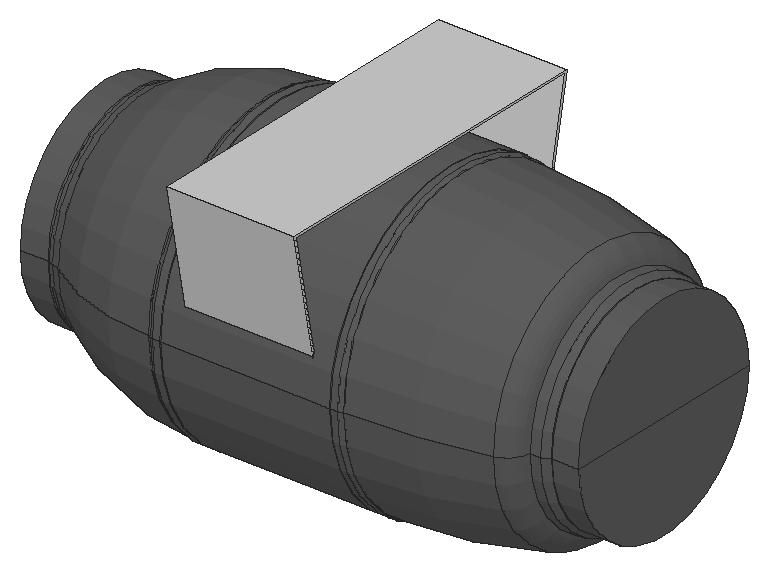
Revit family "AVS 250", category Mechanical Equipment, Revit 2023
Family settings
  Round Connector Dimension = Use Diameter
  Classification = None
  Part Type = Breaks Into
  OmniClass Number = 23.75.35.17.11
  OmniClass Title = Fans for Air Ductwork
  Work Plane-Based = No
  Always vertical = No
  Cut with Voids When Loaded = No
  Maintain Annotation Orientation = No
  Shared = No
  Room Calculation Point = No
Parameters (values of type "Aventa Silent AVS250")
  Weight = 15.00 kg
  Voltage = 230 V
  URL = "https://www.airflow.com/"
  Type Comments = "Inline fan single speed up to 1400m3/h"
  Transported Air Temperature (°C) = "-25...+60"
  RPM (min-1) = 2440
  R1 = D1 / 2  # 179 mm
  Protection rating = "IPX4"
  Power Factor = 1
  Number of Poles = 1
  Noise Level at 3 m (dBa) = 38
  Mounting Hanger [instance] = yes
  Maintenance Zone Length Calc = if(Maintenance Zone Length < L, L, Maintenance Zone Length)  # 658 mm
  L27 = 9 mm
  L26 = 6 mm
  L25 = L21 - L22 - L23 - L24 - L26 - L27  # 159 mm
  L24 = 23 mm
  L21 = 218 mm
  L17 = 9 mm
  L16 = 6 mm
  L15 = L11 - L12 - L13 - L14 - L16 - L17  # 144 mm
  L14 = 10 mm
  L11 = 176 mm
  HangerW = 150 mm
  HangerL1 = 332 mm
  HangerL = 402 mm
  HangerH = HangerBaseH  # 182 mm
  HangerExtraL = no
  HangerBaseH = 182 mm
  Model = "Aventa Silent AVS250"
  Manufacturer = "Airflow"
  Maintenance Zone Width = 600 mm
  Maintenance Zone Material = Maintenance Zone
  Maintenance Zone Length = 600 mm
  Maintenance Zone Height = 600 mm
  Maintenance Zone [instance] = no
  Load Classification = HVAC
  L23 = 13 mm
  L22 = 8 mm
  L2 = 32 mm
  L13 = 4 mm
  L12 = 3 mm
  L1 = 32 mm
  L = 658 mm
  Hanger Material = Metal Zinc
  Flow direction symbol [instance] = yes
  Flow Factor [instance] = 1  # constant formula
  Family Version = "1.0"  # constant formula
  ElBoxW = 104 mm
  ElBoxR = 15 mm  # constant formula
  ElBoxL = 104 mm
  ElBoxH = 53 mm
  Distribution Box Material = Distribution Box Dark Grey
  Description = "Inline mixed-flow fan suitable for domestic and light commercial facilities"
  Default Elevation = 0 mm
  Dd26 = 52 mm
  Dd24 = 30 mm
  Dd22 = 5 mm
  Dd23 = 6 mm
  Dd16 = 52 mm
  Dd14 = 6 mm
  Dd13 = 2 mm
  Dd12 = 1 mm
  D1 = 358 mm
  D = 250 mm
  Copyright = "©Airflow"
  Duct Connection Size = 250 mm
  Fan Material = Metal Black
  Maximum Air Flow = 1400 m³/h
  Air Flow [instance] = 0 m³/h
  Power = 177 W
  Current = 0.79 A
  Apparent Power = Power / Power Factor  # 177 VA
Reference planes
  plane 1 "Center (Front/Back)": y = 0
  plane 2: z = 0
  plane 3 "Center (Left/Right)": x = 0
  plane 4: y = 125
  plane 5: y = -125
  plane 6: y = 179
  plane 7: y = -179
  plane 8: x = 658
  plane 9 "C": x = 408
  plane 10: x = 208
  plane 11 "CenterL": x = 329
  plane 12: x = 32
  plane 13: x = 199
  plane 14: y = 126
  plane 15 "CenterOfCentralPart": x = 308
  plane 16 "ElBoxHeight": z = -53
  plane 17 "HangerHeight": z = 182
  plane 18: y = 127
  plane 19: y = 131
  plane 20: x = 49
  plane 21: x = 39
  plane 22: x = 35
  plane 23: x = 193
  plane 24: y = 177
  plane 25: x = 194
  plane 26: x = 417
  plane 27: y = 130
  plane 28: y = 131
  plane 29: y = 155
  plane 30: x = 582
  plane 31: x = 605
  plane 32: x = 618
  plane 33: x = 423
  plane 34: y = 177
  plane 35: x = 422
  plane 36: x = 626
Forms (mm)
  Revolve 1, solid, material "Metal Black" <- "Fan Material", detail levels medium+fine
    sketch origin (368, 0, 0) x (1, 0, 0) y (0, 1, 0)
      loop
        line (-336, 0) -> (-160, 0) -> (-160, 179) -> (-169, 179) -> (-174, 177) -> (-175, 177)
        arc (-175, 177) -> (-250.584, 165.221) -> (-319, 131) r 248.391
        arc (-319, 131) -> (-324.007, 129.018) -> (-329, 127) r 761.878
        line (-329, 127) -> (-333, 126) -> (-336, 125) -> (-336, 0)
      axis (-160, 0) -> (-336, 0)
    angle from 0 to 360
  Revolve 2, solid, material "Metal Black" <- "Fan Material", detail levels medium+fine
    sketch origin (368, 0, 0) x (1, 0, 0) y (0, 1, 0)
      loop
        line (258, 125) -> (258, 0) -> (290, 0) -> (290, 125) -> (258, 125)
      axis (290, 0) -> (258, 0)
    angle from 0 to 360
  Revolve 3, solid, material "Metal Black" <- "Fan Material", detail levels medium+fine
    sketch origin (368, 0, 0) x (1, 0, 0) y (0, 1, 0)
      loop
        line (-368, 125) -> (-368, 0) -> (-336, 0) -> (-336, 125) -> (-368, 125)
      axis (-336, 0) -> (-368, 0)
    angle from 0 to 360
  Revolve 4, solid, material "Metal Black" <- "Fan Material", detail levels medium+fine
    sketch origin (0, 0, 0) x (1, 0, 0) y (0, 1, 0)
      loop
        line (208, 179) -> (208, 0) -> (408, 0) -> (408, 179) -> (208, 179)
      axis (208, 0) -> (408, 0)
    angle from 0 to 360
  Revolve 5, solid, material "Metal Black" <- "Fan Material", detail levels medium+fine
    sketch origin (117, 0, 0) x (-1, 0, 0) y (0, 1, 0)
      loop
        line (-509, 0) -> (-291, 0) -> (-291, 179) -> (-300, 179) -> (-305, 177) -> (-306, 177)
        arc (-306, 177) -> (-386.257, 171.474) -> (-465, 155) r 585.568
        arc (-465, 155) -> (-479.767, 146.131) -> (-488, 131) r 32.783
        line (-488, 131) -> (-501, 130) -> (-509, 125) -> (-509, 0)
      axis (-291, 0) -> (-509, 0)
    angle from 0 to 360
Cuts and joins
  joined: Revolve 1, Revolve 3
Dimensions and locks
  equal spacing: plane 4, plane 1 "Center (Front/Back)", plane 5
  "D": plane 4 to plane 5
  equal spacing: plane 7, plane 1 "Center (Front/Back)", plane 6
  "D1": plane 6 to plane 7
  "L": plane 3 "Center (Left/Right)" to plane 8
  equal spacing: plane 3 "Center (Left/Right)", plane 11 "CenterL", plane 8
  "L1": plane 3 "Center (Left/Right)" to plane 12
  "Dd12": plane 14 to plane 4
  equal spacing: plane 10, plane 15 "CenterOfCentralPart", plane 9 "C"
  "ElBoxH": level to plane 16 "ElBoxHeight"
  "HangerBaseH": plane 17 "HangerHeight" to level
  "Dd13": plane 18 to plane 4
  "Dd14": plane 19 to plane 4
  "L11": plane 12 to plane 10
  "L12": plane 12 to plane 22
  "L13": plane 22 to plane 21
  "L14": plane 21 to plane 20
  "L17": plane 13 to plane 10
  "L16": plane 23 to plane 13
  "Dd16": plane 24 to plane 4
  locked: plane 23 to plane 25 at 1
  "L23": plane 32 to plane 31
  "L24": plane 31 to plane 30
  "L26": plane 33 to plane 26
  locked: plane 33 to plane 35 at 1
  "L2": plane 36 to plane 8
  "L21": plane 9 "C" to plane 36
  "L22": plane 32 to plane 36
  "L27": plane 9 "C" to plane 26
  "Dd22": plane 27 to plane 4
  "Dd23": plane 28 to plane 4
  "Dd24": plane 29 to plane 4
  "Dd26": plane 34 to plane 4
  locked: plane 15 "CenterOfCentralPart" to nested 6
  aligned and locked: level to plane 2
  aligned and locked: Revolve 2 sketch curve to plane 4
  aligned and locked: Revolve 2 sketch curve to plane 8
  aligned and locked: Revolve 2 sketch curve to plane 1 "Center (Front/Back)"
  aligned and locked: Revolve 3 sketch curve to plane 4
  aligned and locked: Revolve 3 sketch curve to plane 1 "Center (Front/Back)"
  aligned and locked: plane 3 "Center (Left/Right)" to Revolve 3 sketch curve
  aligned and locked: plane 1 "Center (Front/Back)" to nested 1
  aligned and locked: nested 2 to level
  aligned and locked: plane 1 "Center (Front/Back)" to nested 3
  aligned and locked: nested 3 to plane 3 "Center (Left/Right)"
  aligned and locked: plane 1 "Center (Front/Back)" to nested 4
  aligned and locked: Revolve 4 sketch curve to plane 6
  aligned and locked: Revolve 4 sketch curve to nested 4
  aligned and locked: Revolve 4 sketch curve to Revolve 4 sketch curve  (x2)
  aligned and locked: plane 11 "CenterL" to nested 4
  aligned and locked: Revolve 4 sketch curve to plane 9 "C"
  aligned and locked: plane 15 "CenterOfCentralPart" to nested 1
  aligned and locked: plane 15 "CenterOfCentralPart" to nested 2
  aligned and locked: nested 5 to plane 1 "Center (Front/Back)"
  aligned and locked: plane 15 "CenterOfCentralPart" to nested 5
  aligned and locked: Revolve 1 sketch curve to plane 1 "Center (Front/Back)"
  aligned and locked: plane 4 to Revolve 1 sketch curve
  aligned and locked: plane 1 "Center (Front/Back)" to Revolve 1 sketch curve
  aligned and locked: Revolve 1 sketch curve to plane 6
  aligned and locked: plane 25 to Revolve 1 sketch curve
  aligned and locked: plane 24 to Revolve 1 sketch curve
  aligned and locked: Revolve 5 sketch curve to plane 35
  aligned and locked: Revolve 5 sketch curve to plane 34
  aligned and locked: Revolve 2 to plane 36
Automatic sketch dimensions
  plane 1 "Center (Front/Back)" to Revolve 2 sketch curve = 0 mm
  Revolve 2 sketch curve to plane 8 = 32 mm
  Revolve 2 sketch curve to plane 3 "Center (Left/Right)" = 1632 mm
  Revolve 2 sketch curve to Revolve 2 sketch curve = 2138 mm
  plane 1 "Center (Front/Back)" to Revolve 3 sketch curve = 0 mm
  Revolve 3 sketch curve to plane 12 = 0 mm
  Revolve 3 sketch curve to plane 3 "Center (Left/Right)" = 1646 mm
  plane 8 to Revolve 3 sketch curve = 2149 mm
  Revolve 4 sketch curve to plane 10 = 0 mm
  Revolve 4 sketch curve to plane 11 "CenterL" = 0 mm
  Revolve 1 sketch curve to plane 12 = 0 mm
  Revolve 1 sketch curve to plane 14 = 0 mm
  Revolve 1 sketch curve to plane 22 = 0 mm
  Revolve 1 sketch curve to plane 18 = 0 mm
  Revolve 1 sketch curve to plane 21 = 0 mm
  Revolve 1 sketch curve to plane 19 = 0 mm
  Revolve 1 sketch curve to plane 20 = 0 mm
  Revolve 1 sketch curve to plane 23 = 0 mm
  Revolve 1 sketch curve to plane 13 = 0 mm
  Revolve 1 sketch curve to plane 10 = 0 mm
  Revolve 1 sketch curve to plane 11 "CenterL" = 2.053 mm
  Revolve 1 sketch curve to plane 3 "Center (Left/Right)" = 2000 mm
  plane 8 to Revolve 1 sketch curve = 1495 mm
  plane 1 "Center (Front/Back)" to Revolve 5 sketch curve = 0 mm  (x2)
  Revolve 5 sketch curve to plane 36 = 0 mm
  Revolve 5 sketch curve to plane 27 = 0 mm
  Revolve 5 sketch curve to plane 32 = 0 mm
  Revolve 5 sketch curve to plane 28 = 0 mm
  Revolve 5 sketch curve to plane 31 = 0 mm
  Revolve 5 sketch curve to plane 29 = 0 mm  (x2)
  Revolve 5 sketch curve to plane 30 = 0 mm
  Revolve 5 sketch curve to plane 33 = 0 mm
  Revolve 5 sketch curve to plane 6 = 0 mm
  Revolve 5 sketch curve to plane 26 = 0 mm
  Revolve 5 sketch curve to plane 9 "C" = 0 mm
  Revolve 5 sketch curve to plane 4 = 0 mm
  Revolve 5 sketch curve to plane 8 = 1980 mm
  plane 3 "Center (Left/Right)" to Revolve 5 sketch curve = 1515 mm
Nested families
  nested 1: "GraphicalSymbol_Fun_FlowDirection" at (308, 0, 0), visible <- "Flow direction symbol", type "GraphicalSymbol_Fun_FlowDirection", detail levels medium+fine
    with Length 50 mm, Height 50 mm, B 25 mm, A 16.667 mm
  nested 2: "GraphicalSymbol_Fun_FlowDirection" at (308, 0, 0) x (1, 0, 0) z (0, -1, 0), type "GraphicalSymbol_Fun_FlowDirection"
    with Length 50 mm, Height 50 mm, B 25 mm, A 16.667 mm
  nested 3: "GraphicalSymbol_Fan_1" at (329, 0, 0), type "GraphicalSymbol_Fan_1", detail levels coarse
    with Diameter 658 mm, A 164.5 mm
  nested 4: "MaintenanceZone_Rect" at (329, 0, 0), visible <- "Maintenance Zone", type "MaintenanceZone_Rect", detail levels medium+fine
    with Maintenance Zone Width 600 mm, Maintenance Zone Length 658 mm, Maintenance Zone Height 600 mm
  nested 5: "MountingHanger" at (308, 0, 182) x (0, 1, 0) z (0, 0, -1), visible <- "Mounting Hanger", type "MountingHanger", detail levels medium+fine
    with Width1 120 mm, Width 150 mm, Length2 442 mm, Length 402 mm, Lenght1Calc 332 mm, Length1 332 mm, Height 182 mm
  nested 6: "DistributionBox" at (308, -190.232, 129.084) x (1, 0, 0) z (0, -0.9799, -0.1994), type "DistributionBox", not visible, detail levels medium+fine
    with Hcon 26.5 mm, H1 53 mm, ConD 20 mm, ConB 26 mm, ConA 26 mm, B 104 mm, A 104 mm
Connectors
  hvac at (0, 0, 0), driven by "Duct Connection Size", driven by "Air Flow"
    settings: on cut or joined group of Revolve 1, Revolve 3, index 4, duct flow 0 m³/h, flow factor 0, pres drop 0.0 Pa, loss coef 0, conn angle 0.00°, conn width 304.8 mm, conn height 304.8 mm, conn diameter 250 mm, duct sys type 29, conn prof type 0, flow config 0, flow direction 0, loss method 0, conn ref index 5, conn util no, is conn primary yes, conn desc ""
  hvac at (658, 0, 0), driven by "Duct Connection Size"
    settings: on Revolve 2, index 5, duct flow 0 m³/h, flow factor 0, pres drop 0.0 Pa, loss coef 0, conn angle 0.00°, conn width 304.8 mm, conn height 304.8 mm, conn diameter 250 mm, duct sys type 28, conn prof type 0, flow config 0, flow direction 0, loss method 0, conn ref index 4, conn util no, is conn primary no, conn desc ""
  electrical at (308, -226.569, 174.756), driven by "Number of Poles", driven by "Load Classification", driven by "Voltage", driven by "Apparent Power", driven by "Power Factor"
    settings: on nested 6, index 7, voltage 230 V, apparent load 177 VA, apparent load phase1 0 VA, apparent load phase2 0 VA, apparent load phase3 0 VA, power factor 1, load classification "HVAC", number of poles 1, system type 30, power factor state 1, is connector primary yes, connector utility no, sub classification motor no, connector description ""
Definition of nested family "MaintenanceZone_Rect"
  Parameters (values of type "MaintenanceZone_Rect")
    Maintenance Zone Width = 500 mm
    Material = none
    Maintenance Zone Length = 1000 mm
    Maintenance Zone Height = 300 mm
    Family Version = ""
    Default Elevation = 1219.2 mm
    Copyright = ""
  Reference planes
    plane 1 "Center (Front/Back)": y = 0
    plane 2: z = 0
    plane 3 "Center (Left/Right)": x = 0
    plane 4: x = -500
    plane 5: x = 500
    plane 6: y = 250
    plane 7: y = -250
    plane 8: z = -300
  Forms (mm)
    Extrusion 1, solid, material <- "Material", detail levels medium+fine
      sketch origin (0, 0, 0) x (1, 0, 0) y (0, 1, 0)
        loop
          line (-500, 250) -> (-500, -250) -> (500, -250) -> (500, 250) -> (-500, 250)
      from 0 to -300
  Lines and regions (mm)
    symbolic lines, detail levels medium+fine
      curve 1: line (-500, 0, 0) -> (500, 0, 0)
      curve 2: line (-500, 0, -300) -> (-500, 0, 0)
      curve 3: line (500, 0, -300) -> (-500, 0, -300)
      curve 4: line (500, 0, 0) -> (500, 0, -300)
      curve 5: line (0, 250, 0) -> (0, -250, 0)
      curve 6: line (0, 250, -300) -> (0, 250, 0)
      curve 7: line (0, -250, -300) -> (0, 250, -300)
      curve 8: line (0, -250, 0) -> (0, -250, -300)
      curve 9: line (-500, 250, 0) -> (500, 250, 0)
      curve 10: line (-500, -250, 0) -> (-500, 250, 0)
      curve 11: line (500, -250, 0) -> (-500, -250, 0)
      curve 12: line (500, 250, 0) -> (500, -250, 0)
  Dimensions and locks
    equal spacing: plane 6, plane 1 "Center (Front/Back)", plane 7
    equal spacing: plane 4, plane 3 "Center (Left/Right)", plane 5
    "Maintenance Zone Width": plane 6 to plane 7
    "Maintenance Zone Length": plane 4 to plane 5
    "Maintenance Zone Height": plane 2 to plane 8
    aligned and locked: level to plane 2
    aligned and locked: Extrusion 1 sketch curve to plane 6
    aligned and locked: plane 4 to Extrusion 1 sketch curve
    aligned and locked: plane 7 to Extrusion 1 sketch curve
    aligned and locked: Extrusion 1 sketch curve to plane 5
    aligned and locked: Extrusion 1 to plane 8
    aligned and locked: curve 1 to Extrusion 1
    aligned and locked: curve 2 to Extrusion 1
    aligned and locked: curve 3 to Extrusion 1
    aligned and locked: curve 4 to Extrusion 1
    aligned and locked: curve 5 to Extrusion 1
    aligned and locked: curve 6 to Extrusion 1
    aligned and locked: curve 7 to Extrusion 1
    aligned and locked: curve 8 to Extrusion 1
    aligned and locked: curve 9 to Extrusion 1
    aligned and locked: curve 10 to Extrusion 1
    aligned and locked: curve 11 to Extrusion 1
    aligned and locked: curve 12 to Extrusion 1
Definition of nested family "MountingHanger"
  Parameters (values of type "MountingHanger")
    Width1 = Width * 0.8  # 160 mm
    Width = 200 mm
    Thikness = 2 mm
    Material = none
    Length2 = Length + 20 mm * 2  # 518 mm
    Length = 478 mm
    Lenght1Calc = if(Length1 = Length, Length - 0.5 mm, Length1)  # 396 mm
    Length1 = 396 mm
    Height1 = 10 mm
    Height = 219 mm
    ExtraLength = no
    Default Elevation = 1219.2 mm
  Reference planes
    plane 1 "Center (Front/Back)": y = 0
    plane 2: z = 0
    plane 3 "Center (Left/Right)": x = 0
    plane 4: x = -239
    plane 5: x = 239
    plane 6: y = 100
    plane 7: y = -100
    plane 8: z = 219
    plane 9: x = -198
    plane 10: x = 198
    plane 11: z = 209
    plane 12: y = 80
    plane 13: y = -80
    plane 14: x = -259
    plane 15: x = 259
    plane 16: x = -239
    plane 17: x = 239
  Forms (mm)
    Extrusion 1, solid, material <- "Material"
      sketch origin (0, 0, 0) x (1, 0, 0) y (0, 0, 1)
        loop
          line (-198, 209) -> (-239, 0) -> (239, 0) -> (198, 209) -> (198, 219) -> (196, 219) -> (196, 208.806) -> (236.57, 2) -> (-236.57, 2) -> (-196, 208.806) -> (-196, 219) -> (-198, 219) -> (-198, 209)
      from -100 to 100
    Extrusion 2, solid, material <- "Material", visible <- "ExtraLength"
      sketch origin (0, 0, 0) x (1, 0, 0) y (0, 1, 0)
        loop
          line (-259, 80) -> (-259, -80) -> (-239, -80) -> (-239, 80) -> (-259, 80)
        loop
          line (239, 80) -> (239, -80) -> (259, -80) -> (259, 80) -> (239, 80)
      from 0 to 2
  Dimensions and locks
    equal spacing: plane 4, plane 3 "Center (Left/Right)", plane 5
    "Length": plane 4 to plane 5
    plane 8 to level = 219 mm
    equal spacing: plane 6, plane 1 "Center (Front/Back)", plane 7
    "Width": plane 6 to plane 7
    "Height": plane 8 to level
    "Thikness": Extrusion 1 sketch curve to level
    "Thikness": Extrusion 1 sketch curve to Extrusion 1 sketch curve  (x2)
    "Thikness": Extrusion 1 sketch curve to plane 9
    "Thikness": plane 10 to Extrusion 1 sketch curve
    equal spacing: plane 9, plane 3 "Center (Left/Right)", plane 10
    "Lenght1Calc": plane 9 to plane 10
    "Height1": plane 8 to plane 11
    equal spacing: plane 12, plane 1 "Center (Front/Back)", plane 13
    "Width1": plane 12 to plane 13
    equal spacing: plane 14, plane 3 "Center (Left/Right)", plane 15
    "Length2": plane 14 to plane 15
    "Thikness": Extrusion 2 to level
    equal spacing: plane 16, plane 3 "Center (Left/Right)", plane 17
    "Length": plane 16 to plane 17
    aligned and locked: level to plane 2
    aligned and locked: plane 6 to Extrusion 1
    aligned and locked: Extrusion 1 to plane 7
    aligned and locked: plane 9 to Extrusion 1 sketch curve
    aligned and locked: plane 10 to Extrusion 1 sketch curve
    aligned and locked: Extrusion 2 sketch curve to plane 12  (x2)
    aligned and locked: plane 14 to Extrusion 2 sketch curve
    aligned and locked: plane 13 to Extrusion 2 sketch curve  (x2)
    aligned and locked: Extrusion 2 sketch curve to plane 16
    aligned and locked: plane 17 to Extrusion 2 sketch curve
    aligned and locked: Extrusion 2 sketch curve to plane 15
  Automatic sketch dimensions
    Extrusion 1 sketch curve to level = 0 mm
    Extrusion 1 sketch curve to plane 4 = 0 mm
    Extrusion 1 sketch curve to plane 5 = 0 mm
    Extrusion 1 sketch curve to plane 11 = 0 mm  (x2)
    Extrusion 1 sketch curve to plane 8 = 0 mm  (x2)
Definition of nested family "DistributionBox"
  Parameters (values of type "DistributionBox")
    Hcover = 10 mm
    Hcon = H1 / 2  # 12.5 mm
    H1 = 25 mm
    Distribution Box Material = none
    Default Elevation = 1219.2 mm
    ConD = 12 mm
    ConB = B / 4  # 12.5 mm
    ConA = A / 4  # 12.5 mm
    B = A  # 50 mm
    A = 50 mm
  Reference planes
    plane 1 "Center (Front/Back)": y = 0
    plane 2: z = 0
    plane 3 "Center (Left/Right)": x = 0
    plane 4: x = -25
    plane 5: x = 25
    plane 6 "Back": y = 25
    plane 7 "Front": y = -25
    plane 8: z = 25
    plane 9: z = 35
    plane 10: x = -12.5
    plane 11: x = 12.5
    plane 12: y = 12.5
    plane 13: y = -12.5
    plane 14: z = 12.5
  Forms (mm)
    Extrusion 1, solid, material <- "Distribution Box Material"
      sketch origin (0, 0, 0) x (1, 0, 0) y (0, 1, 0)
        loop
          arc (-22, 25) -> (-24.121, 24.121) -> (-25, 22) r 3
          line (-25, 22) -> (-25, -22)
          arc (-25, -22) -> (-24.121, -24.121) -> (-22, -25) r 3
          line (-22, -25) -> (22, -25)
          arc (22, -25) -> (24.121, -24.121) -> (25, -22) r 3
          line (25, -22) -> (25, 22)
          arc (25, 22) -> (24.121, 24.121) -> (22, 25) r 3
          line (22, 25) -> (-22, 25)
      from 0 to 25
    Extrusion 2, solid, material <- "Distribution Box Material"
      sketch origin (0, 0, 0) x (1, 0, 0) y (0, 1, 0)
        loop
          arc (-22, 25) -> (-24.121, 24.121) -> (-25, 22) r 3
          line (-25, 22) -> (-25, -22)
          arc (-25, -22) -> (-24.121, -24.121) -> (-22, -25) r 3
          line (-22, -25) -> (22, -25)
          arc (22, -25) -> (24.121, -24.121) -> (25, -22) r 3
          line (25, -22) -> (25, 22)
          arc (25, 22) -> (24.121, 24.121) -> (22, 25) r 3
          line (22, 25) -> (-22, 25)
      from 25 to 35
    Extrusion 3, void
      sketch origin (-568.953, -25, 1200) x (1, 0, 0) y (0, 0, 1)
        loop
          circle (556.453, -1187.5) r 6
        loop
          circle (581.453, -1187.5) r 6
      from -2.025 to 0
    Extrusion 4, void
      sketch origin (0, 25, 0) x (-1, 0, 0) y (0, 0, 1)
        loop
          circle (-12.5, 12.5) r 6
        loop
          circle (12.5, 12.5) r 6
      from 0 to -2
  Cuts and joins
    Extrusion 3, Extrusion 4 cuts Extrusion 1
    Extrusion 3 cuts Extrusion 2
  Dimensions and locks
    equal spacing: plane 6 "Back", plane 1 "Center (Front/Back)", plane 7 "Front"
    equal spacing: plane 4, plane 3 "Center (Left/Right)", plane 5
    "A": plane 6 "Back" to plane 7 "Front"
    "B": plane 4 to plane 5
    "H1": level to plane 8
    "Hcover": plane 8 to plane 9
    "ConA": plane 1 "Center (Front/Back)" to plane 12
    "ConA": plane 13 to plane 1 "Center (Front/Back)"
    "ConB": plane 10 to plane 3 "Center (Left/Right)"
    "ConB": plane 3 "Center (Left/Right)" to plane 11
    "Hcon": plane 14 to level
    "ConD": diameter of Extrusion 3 sketch curve  (x2)
    "ConD": diameter of Extrusion 4 sketch curve  (x2)
    aligned and locked: level to plane 2
    aligned and locked: Extrusion 1 sketch curve to plane 6 "Back"
    aligned and locked: plane 4 to Extrusion 1 sketch curve
    aligned and locked: plane 7 "Front" to Extrusion 1 sketch curve
    aligned and locked: Extrusion 1 sketch curve to plane 5
    aligned and locked: plane 8 to Extrusion 1
    aligned and locked: plane 4 to Extrusion 2 sketch curve
    aligned and locked: Extrusion 2 sketch curve to plane 5
    aligned and locked: Extrusion 2 sketch curve to plane 6 "Back"
    aligned and locked: plane 7 "Front" to Extrusion 2 sketch curve
    aligned and locked: Extrusion 2 to plane 8
    aligned and locked: plane 9 to Extrusion 2
  Automatic sketch dimensions
    Extrusion 1 sketch curve to Extrusion 1 sketch curve = 3 mm  (x2)
    Extrusion 1 sketch curve to plane 5 = 3 mm  (x2)
    plane 4 to Extrusion 2 sketch curve = 3 mm
    Extrusion 2 sketch curve to Extrusion 2 sketch curve = 3 mm
    Extrusion 2 sketch curve to plane 5 = 3 mm  (x2)
    Extrusion 3 sketch curve to plane 10 = 0 mm
    Extrusion 3 sketch curve to plane 11 = 0 mm
    Extrusion 3 sketch curve to plane 14 = 0 mm  (x2)
    Extrusion 4 sketch curve to plane 11 = 0 mm
    Extrusion 4 sketch curve to plane 10 = 0 mm
    Extrusion 4 sketch curve to plane 14 = 0 mm  (x2)
Definition of nested family "GraphicalSymbol_Fun_FlowDirection"
  Parameters (values of type "GraphicalSymbol_Fun_FlowDirection")
    Length = 100 mm
    Height = Length  # 100 mm
    B = Length / 2  # 50 mm
    A = Length / 3  # 33.333 mm
  Reference planes
    plane 1 "Center (Front/Back)": y = 0
    plane 2: z = 0
    plane 3 "Center (Left/Right)": x = 0
    plane 4: x = -33.333
    plane 5: x = 50
    plane 6: y = 50
    plane 7: y = -50
  Lines and regions (mm)
    detail lines, in view "Ref. Level"
      curve 1: line (-33.333, 50, 0) -> (-33.333, -50, 0)
      curve 2: line (50, 0, 0) -> (-33.333, -50, 0)
      curve 3: line (50, 0, 0) -> (-33.333, 50, 0)
  Dimensions and locks
    "A": plane 4 to plane 3 "Center (Left/Right)"
    "B": plane 3 "Center (Left/Right)" to plane 5
    equal spacing: plane 6, plane 1 "Center (Front/Back)", plane 7
    "Height": plane 6 to plane 7
    aligned and locked: curve 1 to plane 4
  Automatic sketch dimensions
    plane 1 "Center (Front/Back)" to curve 3 = 0 mm
    curve 3 to plane 5 = 0 mm
    curve 2 to plane 7 = 0 mm
    curve 3 to plane 6 = 0 mm
Definition of nested family "GraphicalSymbol_Fan_1"
  Parameters (values of type "GraphicalSymbol_Fan_1")
    Diameter = 100 mm
    Default Elevation = 1219.2 mm
    A = Diameter / 4  # 25 mm
  Reference planes
    plane 1 "Center (Front/Back)": y = 0
    plane 2: z = 0
    plane 3 "Center (Left/Right)": x = 0
    plane 4: x = -25
  Lines and regions (mm)
    model lines
      curve 1: circle (0, 0, 0) r 50 normal (0, 0, 1)
      curve 4: line (-25, 43.301, 0) -> (-25, -43.301, 0)
      curve 5: line (-25, 43.301, 0) -> (50, 0, 0)
      curve 6: line (-25, -43.301, 0) -> (50, 0, 0)
    reference lines
      curve 2: line (50, 141.389, 0) -> (50, -158.611, 0)
      curve 3: line (-50, 141.389, 0) -> (-50, -158.611, 0)
  Dimensions and locks
    equal spacing: curve 3, plane 3 "Center (Left/Right)", curve 2
    "Diameter": curve 3 to curve 2
    "A": plane 4 to plane 3 "Center (Left/Right)"
    "Diameter": diameter of curve 1
    aligned and locked: level to plane 2
  Automatic sketch dimensions
    curve 4 to plane 4 = 0 mm
    plane 1 "Center (Front/Back)" to curve 1 = 0 mm
    curve 1 to plane 3 "Center (Left/Right)" = 0 mm
    plane 1 "Center (Front/Back)" to curve 6 = 0 mm
    plane 1 "Center (Front/Back)" to curve 2 = 158.611 mm
    curve 3 to curve 2 = 0 mm  (x2)
    curve 3 to plane 1 "Center (Front/Back)" = 141.389 mm
